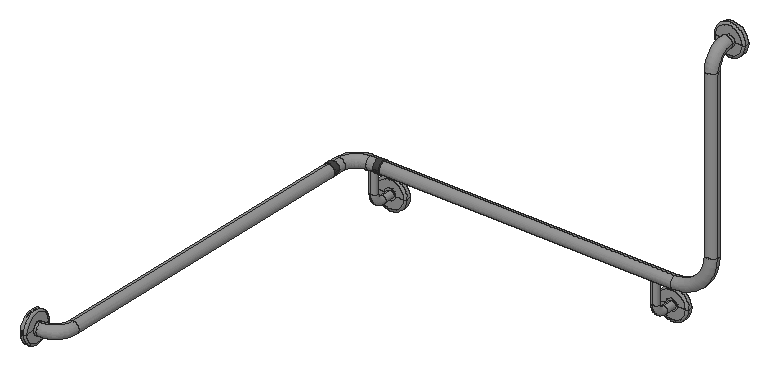
Revit family "rba-bim-rba4091-103", category Plumbing Fixtures, Revit 2016
Family settings
  Part Type = Normal
  Round Connector Dimension = Use Diameter
  Work Plane-Based = No
  Always vertical = Yes
  Cut with Voids When Loaded = No
  Shared = No
  Room Calculation Point = No
Parameters (values of type "RBA4091-103")
  Watermarked By = "www.rba.com.au"
  URL = "http://www.rba.com.au/accessible-disabled/grab-rails"
  R_Void [instance] = 15.00 mm
  R [instance] = 0.00 mm
  Phone Number = "1300 788 778"
  Modified Issue = "20190108.01"
  Model = "RBA4091-103"
  Materials and Finishes = Stainless Steel, Satin Finish
  Manufacturer Model = ""
  Manufacturer = "RBA Group"
  Description = "Modular 90° Wraparound Grab Rail, Left Hand"
  Copyrighted by = "RBA Group"  # constant formula
  Assembly Code = ""
Reference planes
  plane 1 "Center (Front/Back)": y = 0
  plane 2: z = 0
  plane 3: z = 570
  plane 4: z = 630
  plane 5: x = 325.5
  plane 6: x = 265.5
  plane 7: z = -100
  plane 8: z = 570
  plane 9: z = 630
  plane 10: x = 265.5
  plane 11: x = 325.5
  plane 12: z = -130
  plane 13: z = -70
  plane 14: x = -657.5
  plane 15: x = -597.5
  plane 16: z = -100
  plane 17: x = -683.5
  plane 18: x = -754.5
  plane 19: z = 600
  plane 20: x = -699.5
  plane 21: x = -667.5
  plane 22: z = 16
  plane 23: z = -16
  plane 24: y = -71
  plane 25: y = -87
  plane 26: y = -55
  plane 27: y = -80.5
  plane 28: y = -61.5
  plane 29: z = -30
  plane 30: z = 30
  plane 31: y = -1105
  plane 32: y = -1045
  plane 33: x = 295.5
  plane 34: z = -130
  plane 35: z = -70
  plane 36: x = 110.5
  plane 37: x = 170.5
  plane 38: x = 279.5
  plane 39: x = 311.5
  plane 40: x = -607.8
  plane 41: y = -1075
  plane 42: y = -146.7
Forms (mm)
  Extrusion 1, solid, material "Stainless Steel, Satin Finish" <- "Materials and Finishes"
    sketch origin (295.5, -2.628, 915.907) x (0, 0, -1) y (-1, 0, 0)
      loop
        circle (315.907, 0) r 40
    from -0.219 to 2.628
  Extrusion 2, void
    sketch origin (295.5, 34.941, 915.907) x (0, 0, -1) y (-1, 0, 0)
      loop
        circle (315.907, -30) r 5
      loop
        circle (315.907, 30) r 5
    from -37.788 to -30
  Extrusion 3, solid, material "Stainless Steel, Satin Finish" <- "Materials and Finishes"
    sketch origin (295.5, -2.628, 915.907) x (0, 0, -1) y (-1, 0, 0)
      loop
        circle (315.907, 0) r 40
    from -0.219 to 2.628
  Extrusion 4, void
    sketch origin (295.5, 34.941, 915.907) x (0, 0, -1) y (-1, 0, 0)
      loop
        circle (315.907, 30) r 5
      loop
        circle (315.907, -30) r 5
    from -37.788 to -30
  Extrusion 5, solid, material "Stainless Steel, Satin Finish" <- "Materials and Finishes"
    sketch origin (295.5, -2.628, 915.907) x (0, 0, -1) y (-1, 0, 0)
      loop
        circle (315.907, 0) r 40
    from -0.219 to 2.628
  Revolve 6, solid, material "Stainless Steel, Satin Finish" <- "Materials and Finishes"
    sketch origin (295.5, 18.663, 600) x (0, -1, 0) y (1, 0, 0)
      loop
        line (18.663, 0) -> (18.663, -41.5) -> (27.844, -41.5)
        arc (27.844, -41.5) -> (31.337, -40.077) -> (32.842, -36.617) r 5
        line (32.842, -36.617) -> (33.326, -16) -> (33.326, 0) -> (18.663, 0)
      axis (18.663, 0) -> (33.326, 0)
    angle from 0 to 360
  Extrusion 7, solid, material "Stainless Steel, Satin Finish" <- "Materials and Finishes"
    sketch origin (-627.5, -2.628, 215.907) x (0, 0, -1) y (-1, 0, 0)
      loop
        circle (315.907, 0) r 40
    from -0.219 to 2.628
  Revolve 8, solid, material "Stainless Steel, Satin Finish" <- "Materials and Finishes"
    sketch origin (-627.5, 18.663, -100) x (0, -1, 0) y (1, 0, 0)
      loop
        line (18.663, 0) -> (33.326, 0) -> (33.326, 16) -> (32.842, 36.617)
        arc (32.842, 36.617) -> (31.337, 40.077) -> (27.844, 41.5) r 5
        line (27.844, 41.5) -> (18.663, 41.5) -> (18.663, 0)
      axis (18.663, 0) -> (33.326, 0)
    angle from 0 to 360
  Sweep 9, solid, material "Stainless Steel, Satin Finish" <- "Materials and Finishes"
    path origin (-627.5, 12.454, -100) x (0, -1, 0) y (0, 0, 1)
      loop
        line (12.454, 0) -> (55.454, 0)
        arc (55.454, 0) -> (75.253, 8.201) -> (83.454, 28) r 28
        line (83.454, 28) -> (83.454, 100)
    profile origin (-627.5, -21.5, -100) x (0, 0, 1) y (-1, 0, 0)
      loop
        circle (0, 0) r 9.5
  Extrusion 10, void
    sketch origin (-627.5, 34.941, 215.907) x (0, 0, -1) y (-1, 0, 0)
      loop
        circle (315.907, 30) r 5
      loop
        circle (315.907, -30) r 5
    from -37.788 to -30
  Revolve 11, solid, material "Stainless Steel, Satin Finish" <- "Materials and Finishes"
    sketch origin (-773.163, -1075, 0) x (1, 0, 0) y (0, 1, 0)
      loop
        line (18.663, 0) -> (33.326, 0) -> (33.326, 16) -> (32.842, 36.617)
        arc (32.842, 36.617) -> (31.337, 40.077) -> (27.844, 41.5) r 5
        line (27.844, 41.5) -> (18.663, 41.5) -> (18.663, 0)
      axis (18.663, 0) -> (33.326, 0)
    angle from 0 to 360
  Extrusion 12, solid, material "Stainless Steel, Satin Finish" <- "Materials and Finishes"
    sketch origin (-751.872, -1075, 315.907) x (0, 0, -1) y (0, -1, 0)
      loop
        circle (315.907, 0) r 40
    from -0.219 to 2.628
  Extrusion 13, void
    sketch origin (-789.441, -1075, 315.907) x (0, 0, -1) y (0, -1, 0)
      loop
        circle (315.907, 30) r 5
      loop
        circle (315.907, -30) r 5
    from -37.788 to -34.941
  Extrusion 14, solid, material "Stainless Steel, Satin Finish" <- "Materials and Finishes"
    sketch origin (-751.872, -1075, 315.907) x (0, 0, -1) y (0, -1, 0)
      loop
        circle (315.907, 0) r 40
    from -0.219 to 2.628
  Revolve 15, solid, material "Stainless Steel, Black"
    sketch origin (-754.5, 457.937, 0) x (0, 1, 0) y (-1, 0, 0)
      loop
        line (-612.137, -54) -> (-612.137, -71) -> (-597.137, -71) -> (-597.137, -54) -> (-612.137, -54)
      axis (-612.137, -71) -> (-597.137, -71)
    angle from 0 to 360
  Extrusion 16, solid, material "Stainless Steel, Satin Finish" <- "Materials and Finishes"
    sketch origin (140.5, -2.628, 215.907) x (0, 0, -1) y (-1, 0, 0)
      loop
        circle (315.907, 0) r 40
    from -0.219 to 2.628
  Revolve 17, solid, material "Stainless Steel, Satin Finish" <- "Materials and Finishes"
    sketch origin (140.5, 18.663, -100) x (0, -1, 0) y (1, 0, 0)
      loop
        line (18.663, 0) -> (33.326, 0) -> (33.326, 16) -> (32.842, 36.617)
        arc (32.842, 36.617) -> (31.337, 40.077) -> (27.844, 41.5) r 5
        line (27.844, 41.5) -> (18.663, 41.5) -> (18.663, 0)
      axis (18.663, 0) -> (33.326, 0)
    angle from 0 to 360
  Extrusion 18, void
    sketch origin (140.5, 34.941, 215.907) x (0, 0, -1) y (-1, 0, 0)
      loop
        circle (315.907, 30) r 5
      loop
        circle (315.907, -30) r 5
    from -37.788 to -30
  Sweep 19, solid, material "Stainless Steel, Satin Finish" <- "Materials and Finishes"
    path in 3D
      loop
        line (-751.653, -1075, 0) -> (-731.5, -1075, 0)
        arc (-731.5, -1075, 0) -> (-697.559, -1060.941, 0) -> (-683.5, -1027, 0) r 48
        line (-683.5, -1027, 0) -> (-683.5, -119, 0)
        arc (-683.5, -119, 0) -> (-669.441, -85.059, 0) -> (-635.5, -71, 0) r 48
        line (-635.5, -71, 0) -> (195.5, -71, 0)
        arc (195.5, -71, 0) -> (266.211, -71, 29.289) -> (295.5, -71, 100) r 100
        line (295.5, -71, 100) -> (295.5, -71, 552)
        arc (295.5, -71, 552) -> (295.5, -56.941, 585.941) -> (295.5, -23, 600) r 48
        line (295.5, -23, 600) -> (295.5, -2.847, 600)
    profile origin (295.5, -56.941, 585.941) x (0, -0.707107, 0.707107) y (1, 0, 0)
      loop
        circle (0, 0) r 16
  Sweep 20, solid, material "Stainless Steel, Satin Finish" <- "Materials and Finishes"
    path origin (140.5, 12.454, -100) x (0, -1, 0) y (0, 0, 1)
      loop
        line (12.454, 0) -> (55.454, 0)
        arc (55.454, 0) -> (75.253, 8.201) -> (83.454, 28) r 28
        line (83.454, 28) -> (83.454, 100)
    profile origin (140.5, -21.5, -100) x (0, 0, 1) y (-1, 0, 0)
      loop
        circle (0, 0) r 9.5
  Revolve 21, solid, material "Stainless Steel, Black"
    sketch origin (-1212.437, -142, 0) x (-1, 0, 0) y (0, -1, 0)
      loop
        line (-612.137, -54) -> (-612.137, -71) -> (-597.137, -71) -> (-597.137, -54) -> (-612.137, -54)
      axis (-612.137, -71) -> (-597.137, -71)
    angle from 0 to 360
Cuts and joins
  Extrusion 2, Extrusion 4 cuts Extrusion 1
  Extrusion 4 cuts Extrusion 3
  Extrusion 4, Extrusion 18 cuts Revolve 6
  Extrusion 10, Extrusion 18 cuts Revolve 8
  Extrusion 18 cuts Sweep 9
  Extrusion 18 cuts Revolve 17
  joined: Revolve 6, Revolve 8, Sweep 9, Revolve 17, Sweep 19, Sweep 20
  Extrusion 10, Extrusion 18 cuts Extrusion 7
  Extrusion 4 cuts Extrusion 5
  Extrusion 13 cuts Revolve 11
  Extrusion 13 cuts Extrusion 12
  Extrusion 13 cuts Extrusion 14
  Extrusion 18 cuts Extrusion 16
Lines and regions (mm)
  sketch lines
    curve 1: arc (295.5, -71, 552) -> (295.5, -56.941, 585.941) -> (295.5, -23, 600) r 48
    curve 2: line (295.5, -23, 600) -> (295.5, -2.847, 600)
    curve 3: line (295.5, -71, 552) -> (295.5, -71, 100)
    curve 4: arc (295.5, -71, 100) -> (266.211, -71, 29.289) -> (195.5, -71, 0) r 100
    curve 5: line (-635.5, -71, 0) -> (195.5, -71, 0)
    curve 6: arc (-683.5, -119, 0) -> (-669.441, -85.059, 0) -> (-635.5, -71, 0) r 48
    curve 7: line (-683.5, -119, 0) -> (-683.5, -1027, 0)
    curve 8: arc (-731.5, -1075, 0) -> (-697.559, -1060.941, 0) -> (-683.5, -1027, 0) r 48
    curve 9: line (-751.653, -1075, 0) -> (-731.5, -1075, 0)
Dimensions and locks
  plane 4 to plane 3 to level = 60.00 mm, 570.00 mm
  plane 6 to plane 5 = 60.00 mm
  plane 9 to plane 8 = 60.00 mm
  plane 10 to plane 11 = 60.00 mm
  Revolve 6 sketch curve to Revolve 6 sketch curve = 41.50 mm
  Revolve 8 sketch curve to Revolve 8 sketch curve = 41.50 mm
  plane 13 to plane 12 = 60.00 mm
  plane 14 to plane 15 = 60.00 mm
  Revolve 11 sketch curve to Revolve 11 sketch curve = 41.50 mm
  plane 30 to plane 29 = 60.00 mm
  plane 31 to plane 32 = 60.00 mm
  Revolve 17 sketch curve to Revolve 17 sketch curve = 41.50 mm
  plane 35 to plane 34 = 60.00 mm
  plane 36 to plane 37 = 60.00 mm
  radius of Extrusion 1 sketch curve = 40.00 mm
  radius of Extrusion 3 sketch curve = 40.00 mm
  radius of Extrusion 5 sketch curve = 40.00 mm
  radius of Extrusion 7 sketch curve = 40.00 mm
  radius of Sweep 9 sketch curve = 9.50 mm
  radius of Extrusion 12 sketch curve = 40.00 mm
  radius of Extrusion 14 sketch curve = 40.00 mm
  radius of Extrusion 16 sketch curve = 40.00 mm
  radius of Sweep 20 sketch curve = 9.50 mm
  aligned and locked: Revolve 8 to Extrusion 7
  aligned and locked: Revolve 17 to Extrusion 16
